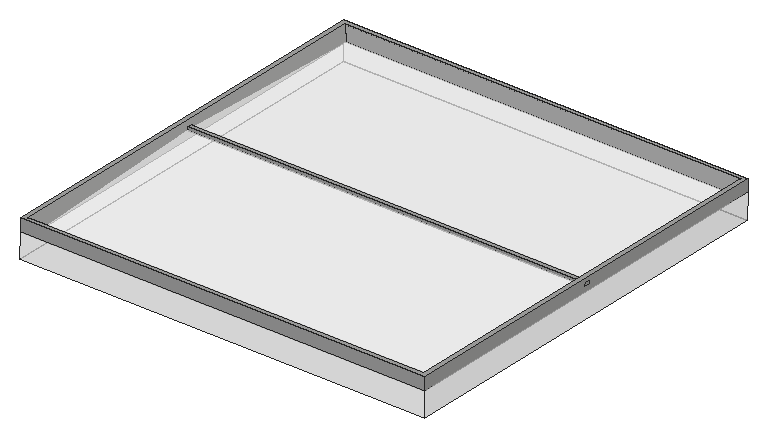
Revit family "VSY22", category Lighting Fixtures, host Face, Revit 2014
Parameters (values of type "VSY22")
  zz Length = Row Length - 1"  # 23"
  Width = 24"
  Wattage = 30 W
  Warranty = "Five-year warranty"  # constant formula
  built-in parameter 1150110 = 1 (stored number, unit not read)
  Voltage = 120 V
  Wattage Comments = "18-61 W"  # constant formula
  URL = "https://www.hubbell.com/columbialighting/en/"
  built-in parameter 1114217 = 1 (stored number, unit not read)
  Tilt Angle = -90.00°
  built-in parameter 1150109 = 1 (stored number, unit not read)
  built-in parameter 1150134 = 3
  built-in parameter 1150113 = 1 (stored number, unit not read)
  Product Documentation Link = "https://hubbellcdn.com/specsheet/COL_VSY22_spec.pdf"
  Prodcut Link = "https://www.hubbell.com/hubbelllightingci/en/Products/Lighting-Controls/Commercial-Indoor-Lighting/Recessed-Linear-Troffers/Versify-Architectural-Edge-Lit/p/3788218"
  Photometric Web File = "VSY22-30HLHE-EDU.ies"
  built-in parameter 1150142 = "IESNA:LM-63-1995\r\n[TEST] 23441\r\n[DATE] 5/15/2019\r\n[MANUFAC] COLUMBIA LIGHTING\r\n[LUMCAT] VSY22-30HLHE-EDU\r\n[LUMINAIRE] Versify™ Architectural Edge Lit, Recessed Architectural\r\n[MORE] 2' x 2' Led with acrylic diffuser\r\n[MORE] Data Scaled from Test# 19.00854\r\n[LAMPCAT] Led\r\n[BALLASTCAT] XI040C110V054BST1\r\n[BALLAST] EDU\r\n[_MOUNTING] Recessed\r\n[_BALLASTFACTOR] 1.00\r\n[_SHIELDING_ANGLE_0] 90\r\n[_SHIELDING_ANGLE_90] 90\r\nTILT=NONE\r\n1 -1 1.0 37 5 1 1 1.91 1.91 0.00\r\n1.00 1 26.02\r\n0.00 2.50 5.00 7.50 10.00 12.50 15.00 17.50 20.00 22.50 25.00 27.50 30.00 32.50\r\n35.00 37.50 40.00 42.50 45.00 47.50 50.00 52.50 55.00 57.50 60.00 62.50 65.00\r\n67.50 70.00 72.50 75.00 77.50 80.00 82.50 85.00 87.50 90.00\r\n0.00 22.50 45.00 67.50 90.00\r\n1428 1427 1421 1411 1396 1378 1356 1330 1300 1266 1229 1188 1145 1099 1051 1002\r\n950 899 846 793 738 684 631 577 523 471 420 369 321 273 226 181 138 98 60 25 1\r\n1428 1427 1421 1410 1395 1377 1354 1328 1298 1264 1228 1187 1143 1097 1049 999\r\n948 897 844 791 737 684 630 576 522 470 419 368 320 271 222 177 132 91 54 20 0\r\n1428 1427 1421 1410 1395 1377 1354 1328 1297 1264 1228 1188 1145 1100 1053 1003\r\n953 901 849 797 743 689 635 580 524 469 417 365 315 265 218 173 129 88 51 17 0\r\n1428 1427 1420 1408 1393 1374 1351 1324 1293 1260 1224 1184 1142 1098 1051 1003\r\n954 903 852 799 745 688 632 575 520 466 412 360 310 261 213 168 125 84 46 16 0\r\n1428 1426 1419 1408 1393 1374 1351 1324 1293 1260 1224 1185 1142 1098 1053 1006\r\n957 907 855 804 748 692 636 581 525 470 418 365 315 265 217 171 128 85 47 17 0\r\n"
  Model = "VSY22"  # constant formula
  Manufacturer = "Columbia Lighting"  # constant formula
  Row Length = 24"
  built-in parameter 1150105 = 334.23 (stored number, unit not read)
  Lumens = 4200 lm
  built-in parameter 1150115 = 1 (stored number, unit not read)
  Load Classification = Lighting
  built-in parameter 1150137 = (empty or 0)
  built-in parameter 1150139 = (empty or 0)
  built-in parameter 1150112 = 1 (stored number, unit not read)
  built-in parameter 1150114 = 1 (stored number, unit not read)
  Lamp = "LED lamp"  # constant formula
  Light Bulb = Hubbell - White Glass
  built-in parameter 1150132 = (empty or 0)
  built-in parameter 1150102 = (empty or 0)
  built-in parameter 1150107 = 3200 (stored number, unit not read)
  built-in parameter 1150138 = (empty or 0)
  built-in parameter 1150106 = 3.3423 (stored number, unit not read)
  Frame = Paint - Hubbell - Gray Smooth
  Features = "Architectural styling in an edge-lit luminaire\r\n• High efficiency acrylic lens featuring edge lit technology\r\n• Ideal for offices, schools, medical, and public spaces\r\n• Up to 147 lumens per watt\r\n• Stylish controls integration\r\n• 2inch overall depth, 2 1/4inch with emergency battery pack\r\n• Certified UL924 for fixtures with battery or DTS (Dimming Bypass\r\nModule) options"  # constant formula
  Emit from Rectangle Width = Width  # 24"
  Emit from Rectangle Length = Row Length  # 24"
  Emit Shape Visible in Rendering = no
  built-in parameter 1150104 = 13.006 (stored number, unit not read)
  Dimming Lamp Color Temperature Shift = <None>
  Description = "VERSIFY™ 2'X2' ARCHITECTURAL EDGE-LIT"  # constant formula
  Default Elevation = 48"
  Contact us = "https://www.hubbell.com/hubbelllightingci/en/contactUs"
  Color Filter = 16777215
  Certifications = "IC label is standard for recessed products\r\n• All luminaires are built to UL1598 and\r\n2108 standards, and bear appropriate\r\ncCSAus labels\r\n• Damp Location label standard. Emergencyequipped fixtures labeled UL 924\r\n• Adheres to LM79, LM80, and TM21\r\nindustry standards\r\n• The DTS, Dimming"
  built-in parameter 1114218 = 1 (stored number, unit not read)
  Backbox = Hubbell - White
  built-in parameter 1150133 = 10 (stored number, unit not read)
  Apparent Load = 0 VA
Reference planes (in)
  plane 1 "Center (Front/Back)": y = 0.03999
  plane 2: z = 0
  plane 3 "Center (Left/Right)": x = 1.66944
  plane 4: x = -10.33056
  plane 5: x = 13.66944
  plane 6: z = -2
  plane 7: y = -11.96001
  plane 8: y = 12.03999
  plane 9: z = 0.125
Forms (in)
  Extrusion 1, void
    sketch origin (0, 0.03999, 0) x (1, 0, 0) y (0, 0, 1)
      loop
        line (-10.33056, 0) -> (-10.33056, -2) -> (13.66944, -2) -> (13.66944, 0) -> (-10.33056, 0)
    from -12 to 12
  Sweep 2, solid, material "Paint - Hubbell - Gray Smooth" <- "Frame"
    path origin (0, 0, 0) x (1, 0, 0) y (0, 1, 0)
      loop
        line (-10.33056, 12.03999) -> (-10.33056, -11.96001) -> (13.66944, -11.96001) -> (13.66944, 12.03999) -> (-10.33056, 12.03999)
    profile origin (1.66944, 12.03999, 0) x (0, 1, 0) y (0, 0, 1)
      loop
        line (-0.25, 0.21875) -> (-0.60016, -0.48156) -> (0, -0.5) -> (0, 0.21875) -> (-0.25, 0.21875)
  Sweep 3, solid, material "Paint - Hubbell - Gray Smooth" <- "Frame"
    path origin (0, 0, 0) x (1, 0, 0) y (0, 1, 0)
      loop
        line (-10.33056, 0.03999) -> (13.66944, 0.03999)
    profile origin (1.66944, 0.03999, 0) x (0, 1, 0) y (0, 0, 1)
      loop
        line (0.14533, 0) -> (-0.125, 0) -> (-0.125, -0.17867) -> (0.14533, -0.17867) -> (0.14533, 0)
  Extrusion 4, solid, material "Hubbell - White Glass" <- "Light Bulb"
    sketch origin (1.66944, 0, 0) x (0, 1, 0) y (0, 0, 1)
      loop
        line (12.03999, -2) -> (12.03999, -0.5) -> (0.14954, -0.13468) -> (-0.05423, -0.13468) -> (-11.96001, -0.5) -> (-11.96001, -2) -> (12.03999, -2)
    from -12 to 12
Dimensions and locks (in)
  equal spacing: plane 5, plane 3 "Center (Left/Right)", plane 4
  "Row Length": plane 5 to plane 4
  equal spacing: plane 7, plane 1 "Center (Front/Back)", plane 8
  "Width": plane 7 to plane 8
  plane 9 to plane 2 = 1/8"
  plane 9 to plane 6 = 2 1/8"
  plane 4 to plane 5 = 24"
  aligned and locked: plane 2 to host face
  aligned and locked: level to host face
  aligned and locked: Extrusion 1 sketch curve to level
  aligned and locked: plane 4 to Extrusion 1 sketch curve
  aligned and locked: Extrusion 1 sketch curve to plane 5
  aligned and locked: plane 6 to Extrusion 1 sketch curve
  aligned and locked: Extrusion 1 to plane 8
  aligned and locked: Extrusion 1 to plane 7
  aligned and locked: plane 8 to Sweep 2 sketch curve
  aligned and locked: plane 4 to Sweep 2 sketch curve
  aligned and locked: plane 7 to Sweep 2 sketch curve
  aligned and locked: Sweep 2 sketch curve to plane 5
  aligned and locked: Extrusion 4 to plane 4
  aligned and locked: plane 5 to Extrusion 4
Automatic sketch dimensions
  host sketch curve to host sketch curve = 96"  (x2)
  plane 1 "Center (Front/Back)" to Sweep 3 sketch curve = 0"
  Sweep 3 sketch curve to plane 4 = 0"
  Sweep 3 sketch curve to plane 5 = 0"
  Extrusion 4 sketch curve to plane 7 = 0"
  Extrusion 4 sketch curve to plane 8 = 0"
  Extrusion 4 sketch curve to plane 6 = 0"
  plane 1 "Center (Front/Back)" to Extrusion 4 sketch curve = 0.09422"
  Extrusion 4 sketch curve to plane 1 "Center (Front/Back)" = 0.10955"
  Extrusion 4 sketch curve to level = 1/2"  (x2)
  Extrusion 4 sketch curve to level = 0.13468"
  Sweep 3 sketch curve to level = 0"
  profile plane to Sweep 3 sketch curve = 1/8"
  Sweep 3 sketch curve to profile plane = 0.14533"
  Sweep 3 sketch curve to level = 0.17867"
  level to Sweep 2 sketch curve = 7/32"
  Sweep 2 sketch curve to Sweep 2 sketch curve = 1/4"
  Sweep 2 sketch curve to profile plane = 0"
  profile plane to Sweep 2 sketch curve = 0.60016"
  Sweep 2 sketch curve to level = 0.48156"
  Sweep 2 sketch curve to level = 1/2"
Connectors (in)
  electrical at (1.66944, 0.03999, -0.125)
    settings: on Sweep 2, index 1, voltage 0 V, apparent load 0 VA, apparent load phase1 0 VA, apparent load phase2 0 VA, apparent load phase3 0 VA, power factor 1, load classification "Other", number of poles 1, system type 30, power factor state 1, is connector primary yes, connector utility no, sub classification motor no, connector description "Lighting Connector"
